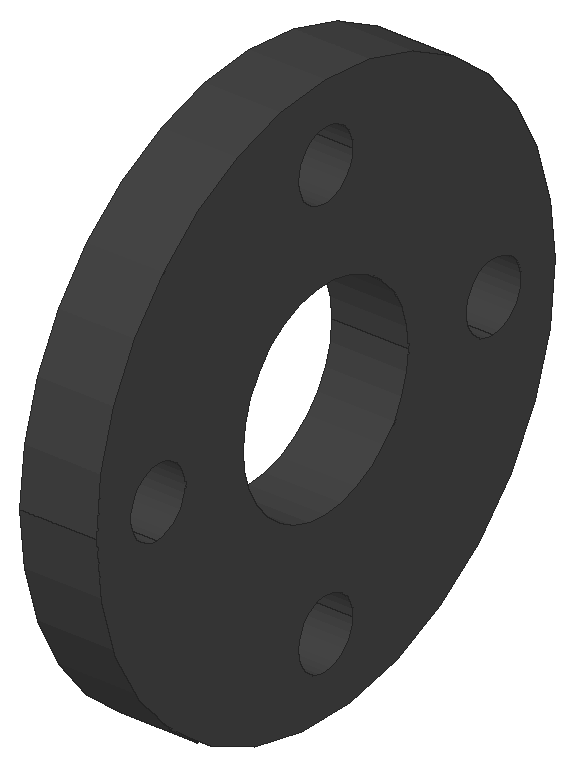
Revit family "Aquatherm_Пластиковый фланец", category Соединительные детали трубопроводов, Revit 2019
Family settings
  Размер круглого соединителя = Использовать диаметр
  Тип детали = Соединение
  На основе рабочей плоскости = Нет
  Всегда вертикально = Да
  При загрузке вырезать с полостями = Нет
  Общий = Нет
Parameters
  Материал_Фланец = AquaTherm black pipe
  n [instance] = N / 1 mm  # 4
  URL = "www.agpipe.ru"
  N [instance] = size_lookup("Пластиковый фланец", "N", 4 mm, DN)  # 4 mm
  l [instance] = size_lookup("Пластиковый фланец", "l", 30 mm, DN)  # 15.5 mm
  d1 [instance] = size_lookup("Пластиковый фланец", "d1", 20 mm, DN)  # 14 mm
  D1 [instance] = size_lookup("Пластиковый фланец", "D1", (D - d) / 2, DN)  # 85 mm
  d [instance] = size_lookup("Пластиковый фланец", "d", DN + 10 mm, DN)  # 42 mm
  DN [instance] = 32 mm
  D [instance] = size_lookup("Пластиковый фланец", "D", DN * 3, DN)  # 116 mm
  ADSK_Примечание = ""
  ADSK_Позиция [instance] = ""
  ADSK_Обозначение [instance] = ""
  ADSK_Наименование [instance] = size_lookup("Пластиковый фланец", "ADSK_Наименование", "Нет в каталоге", DN)  # "Пластиковый фланец DN32"
  ADSK_Масса_Текст [instance] = size_lookup("Пластиковый фланец", "ADSK_Масса_Текст", "Нет в каталоге", DN)  # "0.458"
  ADSK_Код изделия [instance] = size_lookup("Пластиковый фланец", "ADSK_Код изделия", "Нет в каталоге", DN)  # "4115712"
  ADSK_Завод-изготовитель = "Aquatherm"  # constant formula
  ADSK_Единица измерения = "шт."  # constant formula
Reference planes
  plane 1 "По центру (Вперед/Назад)": y = 0
  plane 2: z = 0
  plane 3 "По центру (Влево/Вправо)": x = 0
  plane 4: x = -7.75
  plane 5: x = 7.75
Forms (mm)
  Extrusion 1, void
    sketch origin (21.5, 0, 5) x (0, 1, 0) y (0, 0, 1)
      loop
        circle (0, 37.5) r 7
    from -817.124 to 1008.5
  Extrusion 2, void
    sketch origin (21.5, 5, 0) x (0, 0, -1) y (0, 1, 0)
      loop
        circle (0, 37.5) r 7
    from -817.124 to 1008.5
  Extrusion 3, void
    sketch origin (21.5, 0, -5) x (0, -1, 0) y (0, 0, -1)
      loop
        circle (0, 37.5) r 7
    from -817.124 to 1008.5
  Extrusion 4, void
    sketch origin (21.5, -5, 0) x (0, 0, 1) y (0, -1, 0)
      loop
        circle (0, 37.5) r 7
    from -817.124 to 1008.5
  Extrusion 5, solid, material "AquaTherm black pipe" <- "Материал_Фланец"
    sketch origin (0, 0, 0) x (0, 1, 0) y (0, 0, 1)
      loop
        circle (0, 0) r 21
      loop
        circle (0, 0) r 58
    from -7.75 to 7.75
Cuts and joins
  Extrusion 1, Extrusion 2, Extrusion 3, Extrusion 4 cuts Extrusion 5
Lines and regions (mm)
  reference lines
    curve 1: line (-7.75, 0, 0) -> (7.75, 0, 0)
Dimensions and locks
  equal spacing: plane 4, plane 3 "По центру (Влево/Вправо)", plane 5
  "l": plane 4 to plane 5
  "d1": diameter of Extrusion 1 sketch curve
  "d1": diameter of Extrusion 2 sketch curve
  "d1": diameter of Extrusion 3 sketch curve
  "D1": diameter of radial array
  "d1": diameter of Extrusion 4 sketch curve
  "D": diameter of Extrusion 5 sketch curve
  "d": diameter of Extrusion 5 sketch curve
  aligned and locked: level to plane 2
  aligned and locked: Extrusion 5 to plane 4
  aligned and locked: Extrusion 5 to plane 5
  aligned and locked: plane 4 to curve 1
  aligned and locked: plane 5 to curve 1
Automatic sketch dimensions
  plane 1 "По центру (Вперед/Назад)" to curve 1 = 0 mm
  Extrusion 5 sketch curve to Extrusion 5 sketch curve = 0 mm  (x2)
  Extrusion 5 sketch curve to level = 0 mm
  Extrusion 5 sketch curve to plane 1 "По центру (Вперед/Назад)" = 0 mm
Connectors
  piping at (-7.75, 0, 0), diameter 32, driven by "DN"
    settings: on curve 1, index 1, connector inside diameter 609.6 mm, connector length 0 mm, flow factor 0, pipe flow 0.0 L/s, pressure drop 0.0 Pa, fitting loss kfactor 0, connector angle 0.00°, fixture units 0, engagement length 0 mm, angle of deflection 0.00°, flow configuration 0, flow direction 0, fitting loss method 0, system type 28, joint type 0, gender type 0, connector reference index 2, connector utility 0, adjustable connector no, is connector primary yes, connector description ""
  piping at (7.75, 0, 0), diameter 32, driven by "DN"
    settings: on curve 1, index 2, connector inside diameter 609.6 mm, connector length 0 mm, flow factor 0, pipe flow 0.0 L/s, pressure drop 0.0 Pa, fitting loss kfactor 0, connector angle 0.00°, fixture units 0, engagement length 0 mm, angle of deflection 0.00°, flow configuration 0, flow direction 0, fitting loss method 0, system type 28, joint type 0, gender type 0, connector reference index 1, connector utility 0, adjustable connector no, is connector primary no, connector description ""
